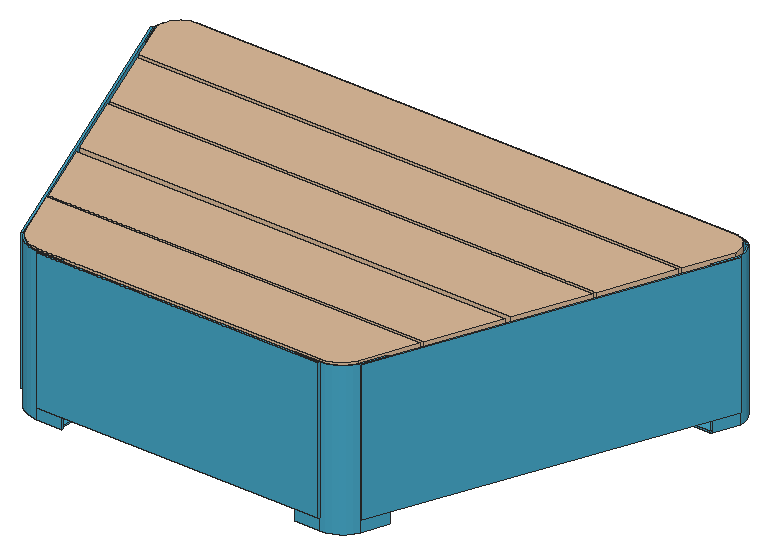
Revit family "product code 61508-S-L", category Meble, Revit 2021
Family settings
  Numer OmniClass = 23.40.20.00
  Tytuł OmniClass = General Furniture and Specialties
  Oparty na płaszczyźnie roboczej = Nie
  Zawsze pionowo = Tak
  Tnij formami wycięć po wczytaniu = Nie
  Współdzielony = Nie
  Punkt obliczania pomieszczeń = Nie
Parameters (values of type "61508-S-L")
  wood = Kobenhagen Wood - Larch
  metal = Kobenhagen RAL 5012
  Width = "73 cm"
  Weight = "45 kg"
  URL = "https://kobenhagen.com/en_US/p/Kdbyen-3-person-Bench/180"
  Product line = "Kødbyen"
  Product Groups = "Benches"
  Producent = "Lars Laj"
  Keynote = ""
  Opis = "Kødbyen 3-person Bench"
  Model = "61508-S-L"
  Material = "Larch, stainless steel, powder coated steel"
  Maintenance = "We recommend to examine and tighten all screws and bolt clamps after a few weeks’ use. In order to prevent cracks and to extend the life of the wood, it is recommended that the wood details should be oiled every 3-5 years."
  Lenght = "118 cm"
  Type Comments = ""
  Kobenhagen Materials = "larslaj.com/bim"
  Hosted on larslaj.com = "https://larslaj.com/bim"
  Height = "30 cm"
  Domyślna rzędna = 0 mm
  Copyright = "All designs and drawings are the intellectual property of Lars Laj A/S and are protected by Danish and international copyright laws."
Reference planes
  plane 1 "front": y = 0
  plane 2: z = 0
  plane 3 "Środek (Lewa/Prawa)": x = 0
  plane 4 "left": x = -247.535
  plane 5 "right": x = 809.233
  plane 6 "back": y = 400
  plane 7: x = -136.25
  plane 8: z = 301.491
Forms (mm)
  Extrusion 1, solid, material "Kobenhagen RAL 5012" <- "metal", not visible
    sketch origin (0, 0, 0) x (0, 1, 0) y (0, 0, 1)
      loop
        arc (71.187, 451.5) -> (57.045, 445.642) -> (51.187, 431.5) r 20
        line (51.187, 431.5) -> (51.187, 18.231)
        arc (51.187, 18.231) -> (56.527, 5.34) -> (69.418, 0) r 18.231
        line (69.418, 0) -> (153.638, 0) -> (153.638, 15) -> (448.638, 15) -> (448.638, 0) -> (527.023, 0)
        arc (527.023, 0) -> (542.307, 6.331) -> (548.638, 21.615) r 21.615
        line (548.638, 21.615) -> (548.638, 429.407)
        arc (548.638, 429.407) -> (542.168, 445.029) -> (526.545, 451.5) r 22.093
        line (526.545, 451.5) -> (71.187, 451.5)
    from 750.378 to 745
  Extrusion 2, solid, material "Kobenhagen RAL 5012" <- "metal", not visible
    sketch origin (0, 0, 0) x (0, 1, 0) y (0, 0, 1)
      loop
        line (548.638, 396.844) -> (629.375, 854.725) -> (601.836, 859.581)
        arc (601.836, 859.581) -> (585.224, 855.898) -> (576.082, 841.547) r 22.232
        line (576.082, 841.547) -> (507.306, 451.5) -> (526.545, 451.5)
        arc (526.545, 451.5) -> (542.168, 445.029) -> (548.638, 429.407) r 22.093
        line (548.638, 429.407) -> (548.638, 396.844)
    from 745 to 750.378
  Extrusion 3, solid, material "Kobenhagen RAL 5012" <- "metal"
    sketch origin (0, 0, 0) x (1, 0, 0) y (0, 1, 0)
      loop
        arc (-582.535, 764.72) -> (-571.376, 796.792) -> (-540.609, 811.163) r 43.652
        line (-540.609, 811.163) -> (-489.756, 811.062) -> (-489.756, 814.162) -> (-540.659, 814.163)
        arc (-540.659, 814.163) -> (-573.699, 798.617) -> (-585.496, 764.062) r 46.771
        line (-585.496, 764.062) -> (-567.413, 717.075) -> (-564.22, 717.075) -> (-582.535, 764.72)
      loop
        line (-333.801, 128.754) -> (-351.879, 175.729) -> (-355.094, 175.729) -> (-336.572, 127.602)
        arc (-336.572, 127.602) -> (-314.586, 101.906) -> (-282.159, 92.311) r 59.594
        line (-282.159, 92.311) -> (-232.159, 92.311) -> (-232.159, 95.311) -> (-282.159, 95.311)
        arc (-282.159, 95.311) -> (-312.921, 104.402) -> (-333.801, 128.754) r 56.594
      loop
        line (582.535, 764.72) -> (564.22, 717.075) -> (567.413, 717.075) -> (585.496, 764.062)
        arc (585.496, 764.062) -> (573.699, 798.617) -> (540.659, 814.163) r 46.771
        line (540.659, 814.163) -> (489.756, 814.162) -> (489.756, 811.062) -> (540.609, 811.163)
        arc (540.609, 811.163) -> (571.376, 796.792) -> (582.535, 764.72) r 43.652
      loop
        arc (333.801, 128.754) -> (312.921, 104.402) -> (282.159, 95.311) r 56.594
        line (282.159, 95.311) -> (232.159, 95.311) -> (232.159, 92.311) -> (282.159, 92.311)
        arc (282.159, 92.311) -> (314.586, 101.906) -> (336.572, 127.602) r 59.594
        line (336.572, 127.602) -> (355.094, 175.729) -> (351.879, 175.729) -> (333.801, 128.754)
    from 0 to 301.491
  Extrusion 4, solid, material "Kobenhagen RAL 5012" <- "metal"
    sketch origin (0, 0, 0) x (1, 0, 0) y (0, 1, 0)
      loop
        line (-279.817, 92.311) -> (-279.817, 88.661) -> (282.604, 88.661) -> (282.604, 92.311) -> (-279.817, 92.311)
      loop
        line (-542.242, 816.437) -> (-542.242, 813.538) -> (538.182, 813.538) -> (538.182, 816.437) -> (-542.242, 816.437)
      loop
        line (-589.896, 762.129) -> (-339.572, 122.697) -> (-335.21, 124.757) -> (-585.498, 764.087) -> (-589.896, 762.129)
      loop
        line (587.097, 762.231) -> (585.233, 763.378) -> (336.994, 128.699) -> (338.958, 127.807) -> (587.097, 762.231)
    from 23.503 to 301.491
  Extrusion 5, solid, material "Kobenhagen RAL 5012" <- "metal"
    sketch origin (0, 0, 0) x (1, 0, 0) y (0, 1, 0)
      loop
        line (-489.131, 715.825) -> (-489.131, 809.812) -> (-539.984, 809.913)
        arc (-539.984, 809.913) -> (-570.751, 795.542) -> (-581.91, 763.47) r 43.652
        line (-581.91, 763.47) -> (-563.595, 715.825) -> (-489.131, 715.825)
      loop
        line (-235.014, 175.729) -> (-354.734, 175.729) -> (-336.656, 128.754)
        arc (-336.656, 128.754) -> (-315.776, 104.402) -> (-285.014, 95.311) r 56.594
        line (-285.014, 95.311) -> (-235.014, 95.311) -> (-235.014, 175.729)
      loop
        line (489.131, 715.825) -> (563.595, 715.825) -> (581.91, 763.47)
        arc (581.91, 763.47) -> (570.751, 795.542) -> (539.984, 809.913) r 43.652
        line (539.984, 809.913) -> (489.131, 809.812) -> (489.131, 715.825)
      loop
        line (235.014, 175.729) -> (235.014, 95.311) -> (285.014, 95.311)
        arc (285.014, 95.311) -> (315.776, 104.402) -> (336.656, 128.754) r 56.594
        line (336.656, 128.754) -> (354.734, 175.729) -> (235.014, 175.729)
    from 0 to 3.062
  Extrusion 6, solid, material "Kobenhagen Wood - Larch" <- "wood"
    sketch origin (0, 0, 0) x (1, 0, 0) y (0, 1, 0)
      loop
        line (541.081, 674.062) -> (575.93, 764.72)
        arc (575.93, 764.72) -> (565.352, 796.135) -> (535.755, 811.062) r 43.652
        line (535.755, 811.062) -> (-539.235, 811.062)
        arc (-539.235, 811.062) -> (-568.832, 796.135) -> (-579.41, 764.72) r 43.652
        line (-579.41, 764.72) -> (-544.561, 674.062) -> (541.081, 674.062)
      loop
        line (-540.488, 667.312) -> (-487.711, 530.312) -> (484.931, 530.312) -> (537.707, 667.312) -> (-540.488, 667.312)
      loop
        line (-373.386, 232.312) -> (-333.531, 128.754)
        arc (-333.531, 128.754) -> (-312.748, 104.465) -> (-282.12, 95.312) r 56.594
        line (-282.12, 95.312) -> (279.89, 95.312)
        arc (279.89, 95.312) -> (310.518, 104.465) -> (331.301, 128.754) r 56.594
        line (331.301, 128.754) -> (371.156, 232.312) -> (-373.386, 232.312)
      loop
        line (-485.111, 523.562) -> (-432.334, 386.562) -> (429.554, 386.562) -> (482.33, 523.562) -> (-485.111, 523.562)
      loop
        line (-427.951, 375.183) -> (-375.174, 238.183) -> (373.369, 238.183) -> (426.146, 375.183) -> (-427.951, 375.183)
    from 272.466 to 304.619
  Extrusion 7, solid, material "Kobenhagen Wood - Larch" <- "wood"
    sketch origin (0, 0, 0) x (1, 0, 0) y (0, 1, 0)
      loop
        arc (278.832, 95.394) -> (311.356, 103.588) -> (333.531, 128.754) r 56.594
        line (333.531, 128.754) -> (580.852, 771.382)
        arc (580.852, 771.382) -> (572.272, 793.757) -> (553.174, 808.232) r 43.652
        line (553.174, 808.232) -> (278.832, 95.394)
      loop
        line (-20.941, 811.062) -> (-20.941, 95.312) -> (20.636, 95.312) -> (20.636, 811.062) -> (-20.941, 811.062)
      loop
        line (-278.832, 95.394) -> (-553.174, 808.232)
        arc (-553.174, 808.232) -> (-572.272, 793.757) -> (-580.852, 771.382) r 43.652
        line (-580.852, 771.382) -> (-333.531, 128.754)
        arc (-333.531, 128.754) -> (-311.356, 103.588) -> (-278.832, 95.394) r 56.594
    from 230.966 to 272.466
  Extrusion 8, solid, material "Kobenhagen RAL 5012" <- "metal"
    sketch origin (0, 0, 0) x (1, 0, 0) y (0, 1, 0)
      loop
        line (-278.832, 95.394) -> (-552.786, 807.224)
        arc (-552.786, 807.224) -> (-572.184, 789.742) -> (-578.132, 764.314) r 43.652
        line (-578.132, 764.314) -> (-333.531, 128.754)
        arc (-333.531, 128.754) -> (-311.356, 103.588) -> (-278.832, 95.394) r 56.594
      loop
        arc (334.706, 132.203) -> (312.75, 105.092) -> (279.067, 96.007) r 56.594
        line (279.067, 96.007) -> (552.571, 806.665)
        arc (552.571, 806.665) -> (572.079, 788.495) -> (577.383, 762.369) r 43.652
        line (577.383, 762.369) -> (334.838, 132.152)
      loop
        line (-20.941, 811.062) -> (-20.941, 776.943) -> (20.636, 776.943) -> (20.636, 811.062) -> (-20.941, 811.062)
      loop
        line (-20.941, 95.312) -> (20.636, 95.312) -> (20.636, 140.312) -> (-20.941, 140.312) -> (-20.941, 95.312)
    from 227.466 to 229.466
Lines and regions (mm)
  model lines, style "9"
    curve 1: line (264.233, -399.489, 0) -> (264.233, -405.489, 0)
    curve 2: line (-304.767, -399.489, 0) -> (-304.767, -405.489, 0)
    curve 3: line (-281.767, -399.489, 0) -> (-281.767, -405.489, 0)
Dimensions and locks
  aligned and locked: level to plane 2
